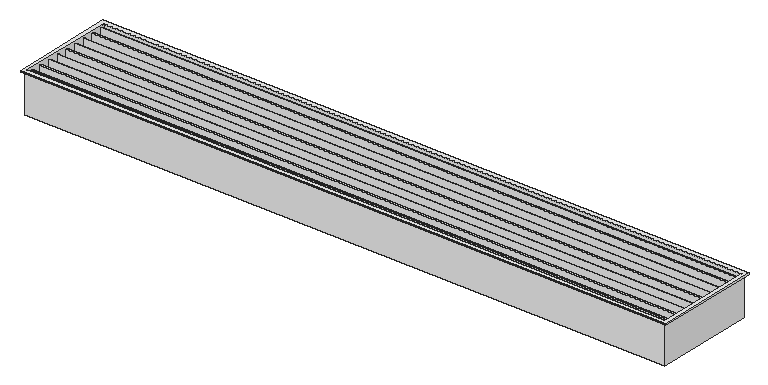
Revit family "DC_Holyoake_MEQ_LD-1200-PMF_13", category Air Terminals, host Face, Revit 2014
Parameters (values of type "LD-1200-PMF")
  Width LD [instance] = 150.0 mm
  URL = "http://www.holyoake.com"
  Type Comments = "Fineline Diffuser Series LD linear bar grilles"  # constant formula
  Static Pressure Min = 3.00 Pa
  Static Pressure Max = 57.00 Pa
  Noise Level NC Min = "< 10 NC"
  Noise Level NC Max = "38 NC"
  Model = "LD-1200-PMF"  # constant formula
  Min Flow = 30 L/s
  Max Flow = 1200 L/s
  Material Face = Holyoake-Aluminium
  Material Body = Holyoake-Aluminium
  Manufacturer = "Holyoake"  # constant formula
  Length LD [instance] = 1000.0 mm
  Holyoake Product Range = "Holyoake Fineline Diffusers"  # constant formula
  Description = "Flangeless Linear Bar Diffuser shall be Holyoake Model LD-1200-PMF. Flangeless Linear Bar Diffuser shall be of extruded aluminium construction to the sizes as documented and supplied with Integral Plaster Mounting Frame (PMF) System. Flangeless Linear Bar Diffusers shall be finished in powdercoat and fitted with accessories and dampers where indicated as manufactured by Holyoake. "  # constant formula
  Default Elevation = 0.0 mm
  Array Number [instance] = ((Width LD - 25.0 mm) / 12.5 mm) - 0.9  # 9
Reference planes
  plane 1 "Center (Front/Back)": y = 0
  plane 2: z = 0
  plane 3 "Center (Left/Right)": x = 0
  plane 4: x = -500
  plane 5: x = 500
  plane 6: y = 75
  plane 7: y = -75
Forms (mm)
  Sweep 1, solid, material "Holyoake-Aluminium" <- "Material Body", detail levels fine
    path origin (0, 0, 0) x (1, 0, 0) y (0, 1, 0)
      loop
        line (-500, 75) -> (-500, -75) -> (500, -75) -> (500, 75) -> (-500, 75)
    profile origin (0, 75, 0) x (0, 1, 0) y (0, 0, 1)
      loop
        line (2, 0) -> (6, 0) -> (6, 2) -> (0, 2) -> (0, -60) -> (2, -60) -> (2, 0)
  Extrusion 2, void
    sketch origin (0, 0, 0) x (1, 0, 0) y (0, 1, 0)
      loop
        line (-500, 75) -> (-500, -75) -> (500, -75) -> (500, 75) -> (-500, 75)
    from 0 to -1000
Cuts and joins
  Extrusion 2 cuts Sweep 1
Lines and regions (mm)
  reference lines
    curve 1: line (-590.798, 68.65, 0) -> (-485.798, 68.65, 0)
    curve 2: line (-590.798, -68.65, 0) -> (-490.798, -68.65, 0)
  symbolic lines, style "Holyoake - Linear Diffusers", detail levels coarse+medium
    curve 3: line (-506, 81, 0) -> (506, 81, 0)
    curve 4: line (-506, -81, 0) -> (-506, 81, 0)
    curve 5: line (506, -81, 0) -> (-506, -81, 0)
    curve 6: line (506, 81, 0) -> (506, -81, 0)
    curve 7: line (-500, -75, 0) -> (500, -75, 0)
    curve 8: line (-500, 75, 0) -> (-500, -75, 0)
    curve 9: line (500, 75, 0) -> (-500, 75, 0)
    curve 10: line (500, -75, 0) -> (500, 75, 0)
    curve 11: line (-502, 0, -60) -> (502, 0, -60)
    curve 12: line (-502, 0, 2) -> (-502, 0, -60)
    curve 13: line (502, 0, 2) -> (-502, 0, 2)
    curve 14: line (502, 0, -60) -> (502, 0, 2)
    curve 15: line (0, 77, -60) -> (0, -77, -60)
    curve 16: line (0, 77, 2) -> (0, 77, -60)
    curve 17: line (0, -77, 2) -> (0, 77, 2)
    curve 18: line (0, -77, -60) -> (0, -77, 2)
Dimensions and locks
  equal spacing: plane 6, plane 1 "Center (Front/Back)", plane 7
  "Width LD": plane 6 to plane 7
  "Length LD": plane 4 to plane 5
  equal spacing: plane 4, plane 3 "Center (Left/Right)", plane 5
  locked: plane 6 to curve 1 at 6.35
  locked: curve 2 to plane 7 at 6.35
  equal spacing: group 1, group 3, group 4, group 5, group 6, group 7, group 8, group 9, group 2  (x2)
  equal spacing: group 2, group 9, group 8, group 7, group 6, group 5, group 4, group 3, group 1
  aligned and locked: plane 2 to host face
  aligned and locked: level to host face
  aligned and locked: plane 4 to Sweep 1 sketch curve
  aligned and locked: Sweep 1 sketch curve to plane 6
  aligned and locked: plane 7 to Sweep 1 sketch curve
  aligned and locked: Sweep 1 sketch curve to plane 5
  aligned and locked: plane 4 to nested 1
  aligned and locked: plane 4 to Sweep 1
  aligned and locked: nested 1 to curve 1
  aligned and locked: Sweep 1 to level
  aligned and locked: curve 2 to nested 2
  aligned and locked: plane 4 to nested 2
  aligned and locked: Extrusion 2 sketch curve to Sweep 1  (x3)
  aligned and locked: Sweep 1 to Extrusion 2 sketch curve
  aligned and locked: cut or joined group of Sweep 1, Extrusion 2 to curve 3
  aligned and locked: curve 3 to cut or joined group of Sweep 1, Extrusion 2
  aligned and locked: curve 6 to cut or joined group of Sweep 1, Extrusion 2  (x2)
  aligned and locked: cut or joined group of Sweep 1, Extrusion 2 to curve 7
  aligned and locked: curve 7 to cut or joined group of Sweep 1, Extrusion 2
  aligned and locked: curve 10 to cut or joined group of Sweep 1, Extrusion 2  (x2)
  aligned and locked: cut or joined group of Sweep 1, Extrusion 2 to curve 11
  aligned and locked: curve 11 to cut or joined group of Sweep 1, Extrusion 2
  aligned and locked: curve 14 to cut or joined group of Sweep 1, Extrusion 2
  aligned and locked: cut or joined group of Sweep 1, Extrusion 2 to curve 13
  aligned and locked: cut or joined group of Sweep 1, Extrusion 2 to curve 15
  aligned and locked: curve 15 to cut or joined group of Sweep 1, Extrusion 2
  aligned and locked: curve 18 to cut or joined group of Sweep 1, Extrusion 2
  aligned and locked: curve 17 to cut or joined group of Sweep 1, Extrusion 2
Automatic sketch dimensions
  Sweep 1 sketch curve to level = 0.0 mm
  Sweep 1 sketch curve to profile plane = 0.0 mm
  Sweep 1 sketch curve to Sweep 1 sketch curve = 2.0 mm
  Sweep 1 sketch curve to Sweep 1 sketch curve = 4.0 mm
  Sweep 1 sketch curve to Sweep 1 sketch curve = 60.0 mm
  level to Sweep 1 sketch curve = 2.0 mm
  host sketch curve to host sketch curve = 1394.524 mm
  host sketch curve to host sketch curve = 530.678 mm
  curve 2 to plane 4 = 90.798 mm
  curve 1 to curve 2 = 0.0 mm
  plane 4 to curve 2 = 9.202 mm
  plane 4 to curve 1 = 14.202 mm
Nested families
  nested 1: "LD Blade" at (-500, 67.15, 0), Blade Length <- "Length LD", type "LD Blade", detail levels fine
    with Blade Length 1000.0 mm
  nested 2: "LD Blade" at (-500, -68.65, 0), Blade Length <- "Length LD", type "LD Blade", detail levels fine
    with Blade Length 1000.0 mm
  nested 3: "LD Blade" at (-500, 50.175, 0), Blade Length <- "Length LD", type "LD Blade", detail levels fine
    with Blade Length 1000.0 mm
  nested 4: "LD Blade" at (-500, 33.2, 0), Blade Length <- "Length LD", type "LD Blade", detail levels fine
    with Blade Length 1000.0 mm
  nested 5: "LD Blade" at (-500, 16.225, 0), Blade Length <- "Length LD", type "LD Blade", detail levels fine
    with Blade Length 1000.0 mm
  nested 6: "LD Blade" at (-500, -0.75, 0), Blade Length <- "Length LD", type "LD Blade", detail levels fine
    with Blade Length 1000.0 mm
  nested 7: "LD Blade" at (-500, -17.725, 0), Blade Length <- "Length LD", type "LD Blade", detail levels fine
    with Blade Length 1000.0 mm
  nested 8: "LD Blade" at (-500, -34.7, 0), Blade Length <- "Length LD", type "LD Blade", detail levels fine
    with Blade Length 1000.0 mm
  nested 9: "LD Blade" at (-500, -51.675, 0), Blade Length <- "Length LD", type "LD Blade", detail levels fine
    with Blade Length 1000.0 mm
Definition of nested family "LD Blade"
  Parameters (values of type "LD Blade")
    Blade Material = Holyoake-Aluminium
    Blade Length [instance] = 600.0 mm
    Assembly Code = ""
  Reference planes
    plane 1 "Center (Front/Back)": y = 0
    plane 2: z = 0
    plane 3 "Center (Left/Right)": x = 0
    plane 4: x = 600
  Forms (mm)
    Extrusion 1, solid, material "Holyoake-Aluminium" <- "Blade Material"
      sketch origin (0, -1.042, 0) x (1, 0, 0) y (0, 1, 0)
        loop
          line (0, 1.042) -> (600, 1.042) -> (600, 2.542) -> (0, 2.542) -> (0, 1.042)
      from 0 to -20
  Dimensions and locks
    Extrusion 1 sketch curve to Extrusion 1 sketch curve = 1.5 mm
    "Blade Length": plane 3 "Center (Left/Right)" to plane 4
    locked: plane 1 "Center (Front/Back)" to Extrusion 1 at 1.5
    aligned and locked: plane 1 "Center (Front/Back)" to Extrusion 1
    aligned and locked: Extrusion 1 to plane 3 "Center (Left/Right)"
    aligned and locked: plane 4 to Extrusion 1
  Automatic sketch dimensions
    Extrusion 1 sketch curve to plane 1 "Center (Front/Back)" = 1.5 mm
    Extrusion 1 sketch curve to plane 3 "Center (Left/Right)" = 0.0 mm
    plane 4 to Extrusion 1 sketch curve = 0.0 mm
